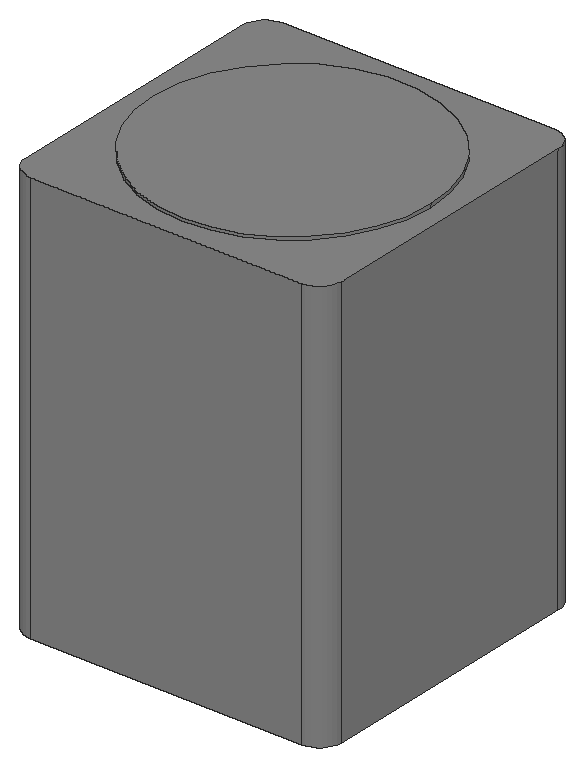
Revit family
Parameters (values of type "720 x 720 x 950mm")
  Air Conditioner Material = Metal - Paint Finish - Dark Gray, Matte
  Depth = 720.00 mm
  Height = 950.00 mm
  Width = 720.00 mm
Types (3, lengths in mm): name | Depth | Height | Width
  (no name) | 720.00 | 950.00 | 720.00
  720 x 720 x 950mm | 720.00 | 950.00 | 720.00
  620 x 620 x 845mm | 620.00 | 845.00 | 620.00
Reference planes
  plane 1 "Center (Front/Back)": y = 0
  plane 2: z = 0
  plane 3 "Center (Left/Right)": x = 0
  plane 4: z = 950
  plane 5: y = 360
  plane 6: y = -360
  plane 7: x = -360
  plane 8: x = 360
  plane 9: z = 943.65
Forms (mm)
  Extrusion 1, solid, material "Metal - Paint Finish - Dark Gray, Matte" <- "Air Conditioner Material"
    sketch origin (0, 0, 0) x (1, 0, 0) y (0, 1, 0)
      loop
        line (-309.2, -360) -> (309.2, -360)
        arc (309.2, -360) -> (345.121, -345.121) -> (360, -309.2) r 50.8
        line (360, -309.2) -> (360, 309.2)
        arc (360, 309.2) -> (345.121, 345.121) -> (309.2, 360) r 50.8
        line (309.2, 360) -> (-309.2, 360)
        arc (-309.2, 360) -> (-345.121, 345.121) -> (-360, 309.2) r 50.8
        line (-360, 309.2) -> (-360, -309.2)
        arc (-360, -309.2) -> (-345.121, -345.121) -> (-309.2, -360) r 50.8
    from 0 to 943.65
  Extrusion 2, solid, material "Metal - Paint Finish - Dark Gray, Matte" <- "Air Conditioner Material"
    sketch origin (0, 0, 0) x (1, 0, 0) y (0, 1, 0)
      loop
        circle (0, 0) r 315.663
    from 943.65 to 950
Lines and regions (mm)
  symbolic lines
    curve 1: line (-309.2, -360, 0) -> (309.2, -360, 0)
    curve 2: line (-360, 309.2, 0) -> (-360, -309.2, 0)
    curve 3: line (309.2, 360, 0) -> (-309.2, 360, 0)
    curve 4: line (360, -309.2, 0) -> (360, 309.2, 0)
    curve 5: arc (309.2, 360, 0) -> (345.121, 345.121, 0) -> (360, 309.2, 0) r 50.8
    curve 6: arc (360, -309.2, 0) -> (345.121, -345.121, 0) -> (309.2, -360, 0) r 50.8
    curve 7: arc (-360, -309.2, 0) -> (-345.121, -345.121, 0) -> (-309.2, -360, 0) r 50.8
    curve 8: arc (-360, 309.2, 0) -> (-345.121, 345.121, 0) -> (-309.2, 360, 0) r 50.8
    curve 9: arc (331.425, 0, 0) -> (0, 331.425, 0) -> (-331.425, 0, 0) r 331.425
    curve 10: arc (-331.425, 0, 0) -> (0, -331.425, 0) -> (331.425, 0, 0) r 331.425
    curve 11: arc (315.663, 0, 0) -> (0, 315.663, 0) -> (-315.663, 0, 0) r 315.663
    curve 12: arc (-315.663, 0, 0) -> (0, -315.663, 0) -> (315.663, 0, 0) r 315.663
    curve 13: arc (31.75, 0, 0) -> (0, 31.75, 0) -> (-31.75, 0, 0) r 31.75
    curve 14: arc (-31.75, 0, 0) -> (0, -31.75, 0) -> (31.75, 0, 0) r 31.75
    curve 15: arc (50.8, 0, 0) -> (0, 50.8, 0) -> (-50.8, 0, 0) r 50.8
    curve 16: arc (-50.8, 0, 0) -> (0, -50.8, 0) -> (50.8, 0, 0) r 50.8
Dimensions and locks
  "Width": plane 7 to plane 8
  "Depth": plane 5 to plane 6
  "Height": plane 2 to plane 4
  equal spacing: plane 7, plane 3 "Center (Left/Right)", plane 8
  equal spacing: plane 5, plane 1 "Center (Front/Back)", plane 6
  locked: plane 9 to plane 4 at 6.35
  aligned and locked: Extrusion 1 to plane 2
  aligned and locked: Extrusion 1 to plane 9
  aligned and locked: Extrusion 2 to Extrusion 1
  aligned and locked: Extrusion 2 to plane 4
Automatic sketch dimensions
  Extrusion 1 sketch curve to plane 7 = 0.00 mm
  Extrusion 1 sketch curve to plane 5 = 0.00 mm
  Extrusion 1 sketch curve to plane 6 = 0.00 mm
  Extrusion 1 sketch curve to plane 8 = 0.00 mm
  Extrusion 1 sketch curve to plane 5 = 50.80 mm
  plane 7 to Extrusion 1 sketch curve = 50.80 mm
  Extrusion 1 sketch curve to Extrusion 1 sketch curve = 50.80 mm
  Extrusion 1 sketch curve to plane 8 = 50.80 mm
  Extrusion 2 sketch curve to plane 1 "Center (Front/Back)" = 0.00 mm
  Extrusion 2 sketch curve to plane 3 "Center (Left/Right)" = 0.00 mm
  plane 7 to Extrusion 2 sketch curve = 44.337 mm
  curve 8 to plane 7 = 0.00 mm
  curve 9 to plane 1 "Center (Front/Back)" = 0.00 mm
  curve 12 to plane 1 "Center (Front/Back)" = 0.00 mm
  curve 1 to plane 6 = 0.00 mm
  curve 3 to plane 5 = 0.00 mm
  curve 16 to plane 1 "Center (Front/Back)" = 0.00 mm
  curve 14 to plane 1 "Center (Front/Back)" = 0.00 mm
  curve 16 to plane 3 "Center (Left/Right)" = 0.00 mm
  curve 9 to plane 3 "Center (Left/Right)" = 0.00 mm
  curve 14 to plane 3 "Center (Left/Right)" = 0.00 mm
  curve 12 to plane 3 "Center (Left/Right)" = 0.00 mm
  curve 6 to plane 8 = 0.00 mm
  plane 7 to curve 9 = 28.575 mm
  curve 9 to curve 12 = 15.762 mm
  plane 7 to curve 1 = 50.80 mm
  plane 7 to curve 3 = 50.80 mm
  curve 16 to curve 11 = 50.80 mm
  curve 15 to curve 14 = 19.05 mm
  curve 1 to plane 8 = 50.80 mm
  curve 3 to plane 8 = 50.80 mm
